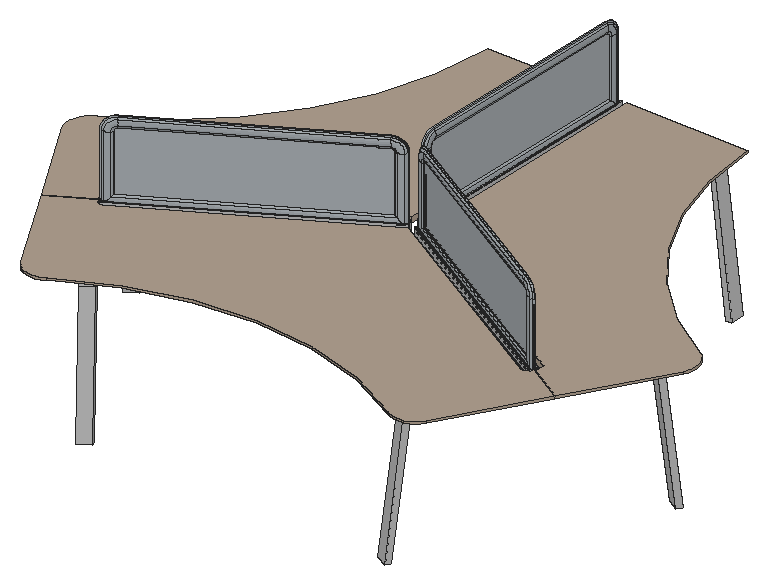
Revit family "Haworth_ActiveComponents_120HalfWrapAround_Reside_BUILD", category Furniture Systems, Revit 2015
Parameters (values of type "57w 24d")
  Worksurface Finish [instance] = Haworth _ Wood _ Light Maple VP-LM
  With Screen = yes
  With Leg = yes
  Warranty = "http://www.haworth.com/resources/product-info/warranties"
  URL - Product = "https://www.haworth.com/products/workspaces/accessories/active-components"
  Trim Finish [instance] = Haworth _ Paint _ Metallic Champagne
  Sustainability Info = "https://www.haworth.com/company-info/sustainability"
  Size = "Verify Final Dim. w/ Haworth"  # constant formula
  Screen Width = Actual Width  # 48"
  Screen Mounting Height = 28"  # constant formula
  Screen Finish [instance] = Haworth _ Fabric _ Class _ Light Cool Neutral
  Screen Depth Opening = 1 13/16"  # constant formula
  Radius = 60"  # constant formula
  Model = "WKYM"  # constant formula
  Leg Finish [instance] = Haworth _ Paint _ Metallic Champagne
  Half Width = Actual Depth / 2  # 12"
  URL = "www.haworth.com"
  Support Height = Actual Height - Worksurface Thickness  # 28"
  Revision Number = "1"  # constant formula
  Manufacturer = "Haworth"  # constant formula
  Description = "Haworth - Worksurface - 120 Half Wrap Around - Reside"  # constant formula
  Author = "Haworth (Alias)"  # constant formula
  Assembly Code = "E2020200"
  Angled Leg Side Offset = 17 3/4"  # constant formula
  Actual Width = 48"  # constant formula
  Actual Height = 29 3/16"  # constant formula
  Worksurface Thickness = 1 3/16"  # constant formula
  Actual Depth = 24"  # constant formula
Reference planes (in)
  plane 1 "Floor": z = 0
  plane 2 "Top": z = 29.1875
  plane 3 "Table Bottom": z = 27.8125
  plane 4 "Center L/R": x = 218.35821
  plane 5: x = 220.17071
  plane 6: x = 216.54571
  plane 7 "Right": x = 244.17071
  plane 8 "Left": x = 192.54571
  plane 9 "Center F/B": y = -27.84659
  plane 10: through (218.35821, -27.84659, 48) normal (0.5, -0.866, 0)
  plane 11: through (218.35821, -27.84659, 48) normal (0.5, 0.866, 0)
  plane 12: through (219.26446, -26.27692, 48) normal (0.5, 0.866, 0)
  plane 13: through (274.59209, -62.40613, 48) normal (-0.5, -0.866, 0)
  plane 14: through (217.45196, -26.27692, 48) normal (0.5, -0.866, 0)
  plane 15: through (162.12433, -62.40613, 48) normal (-0.5, 0.866, 0)
  plane 16: y = -26.80014
  plane 17 "Back": y = 21.19986
  plane 18 "Front": y = -76.89303
  plane 19: through (261.73993, -50.80014, 48) normal (-0.866, 0.5, 0)
  plane 20: through (174.97649, -50.80014, 48) normal (-0.866, -0.5, 0)
  plane 21: through (189.99411, -66.81143, 48) normal (0.5, -0.866, 0)
  plane 22: through (170.43161, -32.92819, 48) normal (0.5, -0.866, 0)
  plane 23: through (246.7223, -66.81143, 48) normal (0.5, 0.866, 0)
  plane 24: through (266.2848, -32.92819, 48) normal (0.5, 0.866, 0)
  plane 25: x = 198.79571
  plane 26: x = 237.92071
  plane 27: through (166.20974, -35.36569, 48) normal (0.866, 0.5, 0)
  plane 28: through (250.94417, -69.24893, 48) normal (-0.866, 0.5, 0)
  plane 29: y = 21.07486
Dimensions and locks (in)
  "Actual Height": plane 2 "Top" to level
  plane 5 to plane 7 "Right" = 24"
  plane 8 "Left" to plane 6 = 24"
  locked: plane 4 "Center L/R" to plane 5 at 1.8125
  locked: plane 6 to plane 4 "Center L/R" at 1.8125
  locked: plane 13 to plane 11 at 1.8125
  locked: plane 12 to plane 11 at 1.8125
  locked: plane 15 to plane 10 at 1.8125
  locked: plane 10 to plane 14 at 1.8125
  "Angled Leg Side Offset": plane 23 to plane 13
  "Angled Leg Side Offset": plane 24 to plane 12
  "Angled Leg Side Offset": plane 21 to plane 15
  "Angled Leg Side Offset": plane 22 to plane 14
  "Angled Leg Side Offset": plane 25 to plane 6
  "Angled Leg Side Offset": plane 5 to plane 26
  locked: plane 29 to plane 17 "Back" at 0.125
  locked: plane 28 to plane 19 at 0.125
  locked: plane 27 to plane 20 at 0.125
  locked: plane 10 to plane 11 (angle 120.00°)
  aligned and locked: nested 5 to plane 12
  aligned and locked: nested 5 to plane 5
  aligned and locked: plane 6 to nested 6
  aligned and locked: plane 14 to nested 6
  aligned and locked: nested 4 to plane 13
  aligned and locked: nested 4 to plane 15
  aligned and locked: plane 1 "Floor" to nested 4
  aligned and locked: nested 5 to plane 1 "Floor"
  aligned and locked: nested 6 to plane 1 "Floor"
  aligned and locked: nested 1 to plane 1 "Floor"
  aligned and locked: nested 1 to plane 27
  aligned and locked: nested 1 to plane 21
  aligned and locked: nested 7 to plane 27
  aligned and locked: plane 22 to nested 7
  aligned and locked: plane 25 to nested 11
  aligned and locked: nested 11 to plane 29
  aligned and locked: nested 10 to plane 29
  aligned and locked: nested 10 to plane 26
  aligned and locked: nested 8 to plane 28
  aligned and locked: plane 23 to nested 8
  aligned and locked: nested 9 to plane 24
  aligned and locked: nested 9 to plane 28
  aligned and locked: plane 1 "Floor" to nested 7
  aligned and locked: plane 1 "Floor" to nested 1
  aligned and locked: plane 1 "Floor" to nested 11
  aligned and locked: nested 10 to plane 1 "Floor"
  aligned and locked: plane 1 "Floor" to nested 8
  aligned and locked: nested 9 to plane 1 "Floor"
  aligned and locked: plane 11 to nested 12
  aligned and locked: plane 11 to nested 13
  aligned and locked: plane 4 "Center L/R" to nested 2
  aligned and locked: plane 4 "Center L/R" to nested 3
  aligned and locked: plane 17 "Back" to nested 3
  aligned and locked: plane 17 "Back" to nested 2
  aligned and locked: nested 13 to plane 19
  aligned and locked: nested 12 to plane 19
  aligned and locked: plane 10 to nested 14
  aligned and locked: plane 10 to nested 15
  aligned and locked: plane 20 to nested 14
  aligned and locked: plane 20 to nested 15
Nested families (in)
  nested 1: "Haworth_Reside_AngledLeg_Part" at (194.87663, -99.24086, 0) x (0.866, 0.5, 0) z (0, 0, 1), visible <- "With Leg", type "Leg"
  nested 2: "Haworth_ActiveComponents_CenterScreen_NEW" at (211.67564, 2.38736, 0) x (0, -1, 0) z (0, 0, 1), Fabric Finish <- "Screen Finish", visible <- "With Screen", type "Screen"
    with Fabric Finish Haworth _ Fabric _ Class _ Light Cool Neutral, Width 48", Actual Width 48", Actual Mounting Height 28"
  nested 3: "Haworth_ActiveComponents_Reside_ScreenRail_NEW" at (211.67564, 2.38736, 0) x (0, -1, 0) z (0, 0, 1), Trim Finish <- "Trim Finish", type "Screen Rail"
    with Trim Finish Haworth _ Paint _ Metallic Champagne, Width 48", Actual Width 48"
  nested 4: "Haworth_ActiveComponents_120HalfWrapAround_Reside_Part" at (238.33897, -55.33179, 0) x (0.866, -0.5, 0) z (0, 0, 1), type "Non-Handed"
    with One-hand no
  nested 5: "Haworth_ActiveComponents_120HalfWrapAround_Reside_Part" at (232.17071, 3.19986, 0) x (0, 1, 0) z (0, 0, 1), type "One-Hand"
    with Right Void Dimension 3 3/16", Non-handed no
  nested 6: "Haworth_ActiveComponents_120HalfWrapAround_Reside_Part" at (204.54571, 3.19986, 0) x (0, 1, 0) z (0, 0, 1), type "One-Hand"
    with Right Void Dimension 3 3/16", Non-handed no
  nested 7: "Haworth_Reside_AngledLeg_Part" at (144.78817, -12.48509, 0) x (0.866, 0.5, 0) z (0, 0, 1), visible <- "With Leg", type "Leg"
  nested 8: "Haworth_Reside_AngledLeg_Part" at (241.83978, -99.24086, 0) x (-0.866, 0.5, 0) z (0, 0, 1), visible <- "With Leg", type "Leg"
  nested 9: "Haworth_Reside_AngledLeg_Part" at (291.92825, -12.48509, 0) x (-0.866, 0.5, 0) z (0, 0, 1), visible <- "With Leg", type "Leg"
  nested 10: "Haworth_Reside_AngledLeg_Part" at (268.44667, 11.29947, 0) x (0, 1, 0) z (0, 0, 1), visible <- "With Leg", type "Leg"
  nested 11: "Haworth_Reside_AngledLeg_Part" at (168.26974, 11.29947, 0) x (0, 1, 0) z (0, 0, 1), visible <- "With Leg", type "Leg"
  nested 12: "Haworth_ActiveComponents_CenterScreen_NEW" at (232.21528, -43.56333, 0) x (0.866, -0.5, 0) z (0, 0, 1), Fabric Finish <- "Screen Finish", visible <- "With Screen", type "Screen"
    with Fabric Finish Haworth _ Fabric _ Class _ Light Cool Neutral, Width 48", Actual Width 48", Actual Mounting Height 28"
  nested 13: "Haworth_ActiveComponents_Reside_ScreenRail_NEW" at (232.21528, -43.56333, 0) x (0.866, -0.5, 0) z (0, 0, 1), Trim Finish <- "Trim Finish", type "Screen Rail"
    with Trim Finish Haworth _ Paint _ Metallic Champagne, Width 48", Actual Width 48"
  nested 14: "Haworth_ActiveComponents_CenterScreen_NEW" at (204.50114, -43.56333, 0) x (-0.866, -0.5, 0) z (0, 0, 1), Fabric Finish <- "Screen Finish", visible <- "With Screen", type "Screen"
    with Fabric Finish Haworth _ Fabric _ Class _ Light Cool Neutral, Width 48", Actual Width 48", Actual Mounting Height 28"
  nested 15: "Haworth_ActiveComponents_Reside_ScreenRail_NEW" at (204.50114, -43.56333, 0) x (-0.866, -0.5, 0) z (0, 0, 1), Trim Finish <- "Trim Finish", type "Screen Rail"
    with Trim Finish Haworth _ Paint _ Metallic Champagne, Width 48", Actual Width 48"
Definition of nested family "Haworth_Reside_AngledLeg_Part"
  Parameters (values of type "Leg")
    Worksurface Thickness = 1 3/16"  # constant formula
    Warranty = "http://www.haworth.com/resources/product-info/warranties"
    URL - Product = "http://www.haworth.com/products/workspaces/desking/reside"
    Sustainability Info = "https://www.haworth.com/company-info/sustainability"
    Model = "Haworth Reside"  # constant formula
    URL = "www.haworth.com"
    Size = "Verify Final Dim. w/ Haworth"  # constant formula
    Revision Number = "1"  # constant formula
    Manufacturer = "Haworth"  # constant formula
    Leg Finish = none
    Description = "Haworth - Reside - Angled Leg Part"  # constant formula
    Author = "Haworth (Alias)"  # constant formula
    Assembly Code = "E2020200"
    Actual Width = 2 85/128"  # constant formula
    Actual Height = 27 13/16"  # constant formula
  Reference planes (in)
    plane 1: z = 0
    plane 2 "Center L/R": x = 8.44336
    plane 3 "Center F/B": y = -26.24155
    plane 4 "Support Top": z = 27.8125
    plane 5 "Right": x = 9.77539
    plane 6 "Left": x = 7.11133
    plane 7: y = -26.74155
    plane 8 "Back": y = -25.74155
    plane 9 "Front": y = -30.52597
  Forms (in)
    Sweep 1, solid, material <- "Leg Finish"
      path origin (0, 0, 0) x (1, 0, 0) y (0, 1, 0)
        loop
          line (9.77539, -26.24155) -> (7.11133, -26.24155)
      profile origin (8.44336, -26.24155, 0) x (0, -1, 0) y (0, 0, 1)
        loop
          line (2.60706, 25.82112) -> (-0.55953, 0) -> (0.52856, 0) -> (3.67903, 25.68966) -> (2.60706, 25.82112)
    Sweep 2, solid, material <- "Leg Finish"
      path origin (0, 0, 0) x (1, 0, 0) y (0, 1, 0)
        loop
          line (9.77539, -26.24155) -> (7.11133, -26.24155)
      profile origin (8.44336, -26.24155, 0) x (0, -1, 0) y (0, 0, 1)
        loop
          line (2.85127, 27.8125) -> (2.60706, 25.82112) -> (3.67903, 25.68966) -> (3.73923, 26.18055)
          arc (3.73923, 26.18055) -> (3.90417, 26.49415) -> (4.23551, 26.61969) r 0.5
          line (4.23551, 26.61969) -> (4.28442, 26.61969) -> (4.28442, 27.8125) -> (2.85127, 27.8125)
  Lines and regions (in)
    Masking region 1
      outline origin (0, 0, 0) x (1, 0, 0) y (0, 1, 0)
        loop
          line (7.11133, -25.74155) -> (7.11133, -30.52597) -> (9.77539, -30.52597) -> (9.77539, -25.74155) -> (7.11133, -25.74155)
  Dimensions and locks (in)
    "Actual Height": plane 4 "Support Top" to level
    equal spacing: plane 6 "Left", plane 2 "Center L/R", plane 5 "Right"
    "Actual Width": plane 6 "Left" to plane 5 "Right"
    aligned and locked: plane 3 "Center F/B" to Sweep 1 sketch curve
    aligned and locked: plane 5 "Right" to Sweep 1 sketch curve
    aligned and locked: plane 6 "Left" to Sweep 1 sketch curve
    aligned and locked: profile plane to plane 1
    aligned and locked: profile plane to plane 3 "Center F/B"
    aligned and locked: plane 5 "Right" to Masking region 1 sketch curve
    aligned and locked: Masking region 1 sketch curve to plane 8 "Back"
    aligned and locked: Masking region 1 sketch curve to plane 6 "Left"
    aligned and locked: plane 9 "Front" to Masking region 1 sketch curve
    aligned and locked: plane 3 "Center F/B" to Sweep 2 sketch curve
    aligned and locked: plane 5 "Right" to Sweep 2 sketch curve
    aligned and locked: plane 6 "Left" to Sweep 2 sketch curve
  Automatic sketch dimensions
    Sweep 1 sketch curve to level = 0"
    profile plane to Sweep 1 sketch curve = 0.55953"
    Sweep 1 sketch curve to profile plane = 0.52856"
    level to Sweep 2 sketch curve = 25.82112"
    Sweep 2 sketch curve to profile plane = 2.60706"
    Sweep 2 sketch curve to Sweep 2 sketch curve = 0.88796"
    Sweep 2 sketch curve to Sweep 2 sketch curve = 0.49628"
    Sweep 2 sketch curve to Sweep 2 sketch curve = 0.04891"
    Sweep 2 sketch curve to Sweep 2 sketch curve = 0.06086"
    Sweep 2 sketch curve to Sweep 2 sketch curve = 1.13217"
    Sweep 2 sketch curve to Sweep 2 sketch curve = 0.0602"
    Sweep 2 sketch curve to Sweep 2 sketch curve = 0.4909"
    Sweep 2 sketch curve to Sweep 2 sketch curve = 0.13146"
    Sweep 1 sketch curve to Sweep 1 sketch curve = 1.07197"
    Sweep 1 sketch curve to Sweep 1 sketch curve = 0.13146"
    Sweep 1 sketch curve to profile plane = 2.60706"
Definition of nested family "Haworth_ActiveComponents_CenterScreen_NEW"
  Parameters (values of type "72w 17h")
    Width = 72"
    Warranty = "http://www.haworth.com/resources/product-info/warranties"
    URL - Product = "http://www.haworth.com/products/workspaces/accessories/active-components"
    URL = "http://www.haworth.com/"
    Size = "Verify Final Dim. w/ Haworth"  # constant formula
    Revision Number = "2"  # constant formula
    Model = "AUSR"  # constant formula
    Min. Width = 42"  # constant formula
    Max. Width = 72"  # constant formula
    Manufacturer = "Haworth"  # constant formula
    Fabric Finish [instance] = none
    Description = "Haworth - Active Components - Center Screen"  # constant formula
    Author = "Haworth (Bentzen, Alias)"  # constant formula
    Assembly Code = "E2020200"
    Actual Width = if(Width < Min. Width, Min. Width, if(Width > Max. Width, Max. Width, Width))  # 72"
    Actual Mounting Height = 25"
    Actual Height = 17"  # constant formula
    Actual Depth = 29/32"  # constant formula
  Types (4): name | Width | Actual Width
    72w 17h | 72" | 72"
    60w 17h | 60" | 60"
    48w 17h | 48" | 48"
    42w 17h | 42" | 42"
  Reference planes (in)
    plane 1: z = 0
    plane 2 "Left Edge": x = -30.8125
    plane 3 "Back": y = 7.13569
    plane 4 "Front": y = 6.22944
    plane 5 "Support Top": z = 42
    plane 6 "Center F/B": y = 6.68256
    plane 7 "Bottom Screen": z = 25
    plane 8 "Right Edge": x = 41.1875
    plane 9 "Center LR": x = 5.1875
  Forms (in)
    Sweep 1, solid, material <- "Fabric Finish"
      path origin (0, 0, 25) x (-1, 0, 0) y (0, -1, 0)
        loop
          line (-5.1875, -6.55756) -> (-5.1875, -6.80756)
      profile origin (5.1875, 6.68256, 25) x (-1, 0, 0) y (0, 0, 1)
        loop
          line (33.705, 2.30661) -> (33.705, 13.34868)
          arc (33.705, 13.34868) -> (33.52194, 13.79062) -> (33.08, 13.97368) r 0.625
          line (33.08, 13.97368) -> (-33.08, 13.97368)
          arc (-33.08, 13.97368) -> (-33.52194, 13.79062) -> (-33.705, 13.34868) r 0.625
          line (-33.705, 13.34868) -> (-33.705, 2.30661) -> (33.705, 2.30661)
    Sweep 2, solid, material <- "Fabric Finish"
      path in 3D
        loop
          line (38.8925, 6.55756, 27.30661) -> (38.8925, 6.55756, 38.34868)
          arc (38.8925, 6.55756, 38.34868) -> (38.70944, 6.55756, 38.79062) -> (38.2675, 6.55756, 38.97368) r 0.625
          line (38.2675, 6.55756, 38.97368) -> (-27.8925, 6.55756, 38.97368)
          arc (-27.8925, 6.55756, 38.97368) -> (-28.33444, 6.55756, 38.79062) -> (-28.5175, 6.55756, 38.34868) r 0.625
          line (-28.5175, 6.55756, 38.34868) -> (-28.5175, 6.55756, 27.30661) -> (38.8925, 6.55756, 27.30661)
      profile origin (5.1875, 6.55756, 27.30661) x (0, -1, 0) y (0, 0, -1)
        loop
          line (0, 2.1379) -> (-0.25, 2.1379) -> (-0.25, 1.90667)
          arc (-0.25, 1.90667) -> (-0.41472, 1.73994) -> (-0.51166, 1.52656) r 0.66762
          arc (-0.51166, 1.52656) -> (-0.57818, 0.95464) -> (-0.49066, 0.38556) r 2.15173
          arc (-0.49066, 0.38556) -> (-0.39663, 0.17636) -> (-0.25, 0) r 0.84826
          line (-0.25, 0) -> (0, 0)
          arc (0, 0) -> (0.14663, 0.17636) -> (0.24066, 0.38556) r 0.84826
          arc (0.24066, 0.38556) -> (0.32818, 0.95464) -> (0.26166, 1.52656) r 2.15173
          arc (0.26166, 1.52656) -> (0.16472, 1.73994) -> (0, 1.90667) r 0.66762
          line (0, 1.90667) -> (0, 2.1379)
  Lines and regions (in)
    Masking region 1
      outline origin (0, 0, 0) x (1, 0, 0) y (0, 1, 0)
        loop
          line (-30.8125, 7.13569) -> (-30.8125, 6.22944) -> (41.1875, 6.22944) -> (41.1875, 7.13569) -> (-30.8125, 7.13569)
    symbolic lines, detail levels fine
      curve 1: line (-30.8125, 6.22944, 0) -> (-30.8125, 7.13569, 0)
    sketch lines
      curve 2: line (-28.5175, 6.55756, 27.30661) -> (38.8925, 6.55756, 27.30661)
      curve 3: line (38.8925, 6.55756, 27.30661) -> (38.8925, 6.55756, 38.34868)
      curve 4: line (-28.5175, 6.55756, 38.34868) -> (-28.5175, 6.55756, 27.30661)
      curve 5: arc (38.2675, 6.55756, 38.97368) -> (38.70944, 6.55756, 38.79062) -> (38.8925, 6.55756, 38.34868) r 0.625
      curve 6: line (38.2675, 6.55756, 38.97368) -> (-27.8925, 6.55756, 38.97368)
      curve 7: arc (-28.5175, 6.55756, 38.34868) -> (-28.33444, 6.55756, 38.79062) -> (-27.8925, 6.55756, 38.97368) r 0.625
  Dimensions and locks (in)
    "Actual Depth": plane 3 "Back" to plane 4 "Front"
    equal spacing: plane 3 "Back", plane 6 "Center F/B", plane 4 "Front"
    "Actual Mounting Height": plane 7 "Bottom Screen" to level
    "Actual Height": plane 5 "Support Top" to plane 7 "Bottom Screen"
    "Actual Width": plane 2 "Left Edge" to plane 8 "Right Edge"
    equal spacing: plane 2 "Left Edge", plane 9 "Center LR", plane 8 "Right Edge"
    locked: plane 6 "Center F/B" to Sweep 1 sketch curve at 0.125
    locked: Sweep 1 sketch curve to plane 6 "Center F/B" at 0.125
    locked: plane 8 "Right Edge" to Sweep 1 sketch curve at 2.295
    locked: plane 2 "Left Edge" to Sweep 1 sketch curve at 2.295
    locked: Sweep 1 sketch curve to plane 7 "Bottom Screen" at 2.30661
    locked: plane 5 "Support Top" to Sweep 1 sketch curve at 3.02632
    aligned and locked: plane 8 "Right Edge" to Masking region 1
    aligned and locked: plane 9 "Center LR" to Sweep 1 sketch curve
    aligned and locked: profile plane to plane 7 "Bottom Screen"
    aligned and locked: profile plane to plane 9 "Center LR"
    aligned and locked: curve 1 to plane 2 "Left Edge"
    aligned and locked: plane 3 "Back" to Masking region 1
    aligned and locked: Masking region 1 to plane 4 "Front"
  Automatic sketch dimensions
    curve 1 to plane 3 "Back" = 0"
    curve 1 to plane 4 "Front" = 0"
    Masking region 1 sketch curve to plane 2 "Left Edge" = 0"
    Masking region 1 sketch curve to plane 4 "Front" = 0"
    Masking region 1 sketch curve to plane 3 "Back" = 0"
    plane 8 "Right Edge" to Masking region 1 sketch curve = 0"
    Sweep 1 sketch curve to Sweep 1 sketch curve = 5/8"  (x2)
    Sweep 2 sketch curve to profile plane = 0"  (x2)
    Sweep 2 sketch curve to Sweep 2 sketch curve = 1/4"  (x2)
    profile plane to Sweep 2 sketch curve = 0.3852"
    profile plane to Sweep 2 sketch curve = 0.57296"
    Sweep 2 sketch curve to Sweep 2 sketch curve = 1.25023"  (x2)
    Sweep 2 sketch curve to profile plane = 0.1352"
    Sweep 2 sketch curve to profile plane = 0.32296"
    profile plane to Sweep 2 sketch curve = 0.62552"  (x2)
    profile plane to Sweep 2 sketch curve = 0.99424"  (x2)
    Sweep 2 sketch curve to Sweep 2 sketch curve = 0.73588"
    Sweep 2 sketch curve to Sweep 2 sketch curve = 0"  (x4)
    Sweep 2 sketch curve to Sweep 2 sketch curve = 0.54528"
    Sweep 2 sketch curve to Sweep 2 sketch curve = 0.23123"
    profile plane to Sweep 2 sketch curve = 0"
Definition of nested family "Haworth_ActiveComponents_Reside_ScreenRail_NEW"
  Parameters (values of type "Screen Rail")
    Width = 72"
    Warranty = "http://www.haworth.com/resources/product-info/warranties"
    URL - Product = "http://www.haworth.com/products/workspaces/accessories/active-components"
    URL = "http://www.haworth.com/"
    Trim Finish [instance] = none
    Size = "Verify Final Dim. w/ Haworth"  # constant formula
    Revision Number = "1"  # constant formula
    Model = "AUSR"  # constant formula
    Min. Width = 48"  # constant formula
    Max. Width = 72"  # constant formula
    Manufacturer = "Haworth"  # constant formula
    Description = "Haworth - Active Components - Reside Screen Rail"  # constant formula
    Author = "Haworth (Alias)"  # constant formula
    Assembly Code = "E2020200"
    Actual Width = if(Width < Min. Width, Min. Width, if(Width > Max. Width, Max. Width, Width))  # 72"
    Actual Mounting Height = 28"
    Actual Height = 2"  # constant formula
    Actual Depth = 1 31/64"  # constant formula
  Reference planes (in)
    plane 1: z = 0
    plane 2 "Left Edge": x = -30.8125
    plane 3 "Center F/B": y = 6.68256
    plane 4 "Bottom Screen": z = 28
    plane 5 "Right Edge": x = 41.1875
    plane 6 "Center LR": x = 5.1875
    plane 7 "Back": y = 7.42475
    plane 8 "Front": y = 5.94038
  Forms (in)
    Sweep 1, solid, material <- "Trim Finish"
      path origin (0, 0, 28) x (-1, 0, 0) y (0, -1, 0)
        loop
          line (30.8125, -6.68256) -> (-41.1875, -6.68256)
      profile origin (5.1875, 6.68256, 28) x (0, 1, 0) y (0, 0, 1)
        loop
          line (0.3545, -0.239) -> (-0.3545, -0.239) -> (-0.3545, 0.221) -> (-0.2, 0.221) -> (-0.2, 0.3) -> (-0.4035, 0.3) -> (-0.4035, 0.388) -> (-0.4505, 0.428) -> (-0.4505, 1.021) -> (-0.4035, 1.061) -> (-0.4035, 1.138) -> (-0.44471, 1.17307)
          arc (-0.44471, 1.17307) -> (-0.47094, 1.17779) -> (-0.48801, 1.15733) r 0.0265
          line (-0.48801, 1.15733) -> (-0.5315, 0.901) -> (-0.5315, 0.391) -> (-0.6555, 0.391) -> (-0.6555, 0.548) -> (-0.685, 0.578) -> (-0.685, 1.14583)
          arc (-0.685, 1.14583) -> (-0.7165, 1.17733) -> (-0.748, 1.14583) r 0.0315
          line (-0.748, 1.14583) -> (-0.748, -0.355)
          arc (-0.748, -0.355) -> (-0.73628, -0.38328) -> (-0.708, -0.395) r 0.04
          line (-0.708, -0.395) -> (0.708, -0.395)
          arc (0.708, -0.395) -> (0.73628, -0.38328) -> (0.748, -0.355) r 0.04
          line (0.748, -0.355) -> (0.748, 1.14583)
          arc (0.748, 1.14583) -> (0.7165, 1.17733) -> (0.685, 1.14583) r 0.0315
          line (0.685, 1.14583) -> (0.685, 0.578) -> (0.6555, 0.548) -> (0.6555, 0.391) -> (0.5315, 0.391) -> (0.5315, 0.901) -> (0.48801, 1.15733)
          arc (0.48801, 1.15733) -> (0.47094, 1.17779) -> (0.44471, 1.17307) r 0.0265
          line (0.44471, 1.17307) -> (0.4035, 1.138) -> (0.4035, 1.061) -> (0.4505, 1.021) -> (0.4505, 0.428) -> (0.4035, 0.388) -> (0.4035, 0.3) -> (0.2, 0.3) -> (0.2, 0.221) -> (0.3545, 0.221) -> (0.3545, -0.239)
    Sweep 2, solid, material <- "Trim Finish"
      path origin (0, 0, 28) x (-1, 0, 0) y (0, -1, 0)
        loop
          line (26.3125, -6.68256) -> (23.3125, -6.68256)
      profile origin (-24.8125, 6.68256, 28) x (0, 1, 0) y (0, 0, 1)
        loop
          line (1.88967, -0.105) -> (3.81655, -0.105) -> (3.81655, 0) -> (1.87155, 0) -> (0.76155, -0.395) -> (-0.76155, -0.395) -> (-1.87155, 0) -> (-3.81655, 0) -> (-3.81655, -0.105) -> (-1.88967, -0.105) -> (-0.76155, -0.5) -> (0.77967, -0.5) -> (1.88967, -0.105)
    Sweep 3, solid, material <- "Trim Finish"
      path origin (10.375, 0, 28) x (1, 0, 0) y (0, -1, 0)
        loop
          line (26.3125, -6.68256) -> (23.3125, -6.68256)
      profile origin (35.1875, 6.68256, 28) x (0, -1, 0) y (0, 0, 1)
        loop
          line (-1.88967, -0.105) -> (-0.77967, -0.5) -> (0.76155, -0.5) -> (1.88967, -0.105) -> (3.81655, -0.105) -> (3.81655, 0) -> (1.87155, 0) -> (0.76155, -0.395) -> (-0.76155, -0.395) -> (-1.87155, 0) -> (-3.81655, 0) -> (-3.81655, -0.105) -> (-1.88967, -0.105)
  Lines and regions (in)
    Masking region 1
      outline origin (0, 0, 0) x (1, 0, 0) y (0, 1, 0)
        loop
          line (-30.8125, 7.42475) -> (-30.8125, 5.94038) -> (41.1875, 5.94038) -> (41.1875, 7.42475) -> (-30.8125, 7.42475)
    symbolic lines, detail levels fine
      curve 1: line (-30.8125, 6.22944, 0) -> (-30.8125, 7.13569, 0)
  Dimensions and locks (in)
    "Actual Mounting Height": plane 4 "Bottom Screen" to level
    "Actual Width": plane 2 "Left Edge" to plane 5 "Right Edge"
    equal spacing: plane 2 "Left Edge", plane 6 "Center LR", plane 5 "Right Edge"
    equal spacing: plane 8 "Front", plane 3 "Center F/B", plane 7 "Back"
    "Actual Depth": plane 8 "Front" to plane 7 "Back"
    locked: plane 2 "Left Edge" to Sweep 2 sketch curve at 4.5
    locked: Sweep 2 sketch curve to Sweep 2 sketch curve at 3
    locked: Sweep 3 sketch curve to Sweep 3 sketch curve at 3
    locked: Sweep 3 sketch curve to plane 5 "Right Edge" at 4.5
    aligned and locked: plane 5 "Right Edge" to Masking region 1
    aligned and locked: curve 1 to plane 2 "Left Edge"
    aligned and locked: Sweep 1 sketch curve to plane 3 "Center F/B"
    aligned and locked: plane 5 "Right Edge" to Sweep 1 sketch curve
    aligned and locked: plane 2 "Left Edge" to Sweep 1 sketch curve
    aligned and locked: Masking region 1 sketch curve to plane 7 "Back"
    aligned and locked: Masking region 1 sketch curve to plane 8 "Front"
    aligned and locked: Sweep 2 sketch curve to plane 3 "Center F/B"
    aligned and locked: plane 3 "Center F/B" to Sweep 3 sketch curve
  Automatic sketch dimensions
    curve 1 to plane 8 "Front" = 37/128"
    curve 1 to plane 7 "Back" = 37/128"
    Masking region 1 sketch curve to plane 2 "Left Edge" = 0"
    Masking region 1 sketch curve to plane 5 "Right Edge" = 0"
    profile plane to Sweep 1 sketch curve = 0.748"
    Sweep 1 sketch curve to Sweep 1 sketch curve = 0.0315"  (x2)
    Sweep 1 sketch curve to Sweep 1 sketch curve = 0.04"  (x5)
    Sweep 1 sketch curve to Sweep 1 sketch curve = 0.0295"
    Sweep 1 sketch curve to Sweep 1 sketch curve = 0.1535"
    Sweep 1 sketch curve to Sweep 1 sketch curve = 0.19699"  (x2)
    Sweep 1 sketch curve to Sweep 1 sketch curve = 0.02612"  (x2)
    Sweep 1 sketch curve to Sweep 1 sketch curve = 0.01138"
    Sweep 1 sketch curve to Sweep 1 sketch curve = 0.01717"  (x2)
    Sweep 1 sketch curve to Sweep 1 sketch curve = 0.047"  (x3)
    Sweep 1 sketch curve to Sweep 1 sketch curve = 0.049"  (x2)
    Sweep 1 sketch curve to Sweep 1 sketch curve = 0.1545"  (x2)
    Sweep 1 sketch curve to profile plane = 0.2"
    Sweep 1 sketch curve to profile plane = 0.4035"
    Sweep 1 sketch curve to Sweep 1 sketch curve = 0.04121"
    Sweep 1 sketch curve to Sweep 1 sketch curve = 0.081"
    Sweep 1 sketch curve to Sweep 1 sketch curve = 0.124"
    Sweep 1 sketch curve to Sweep 1 sketch curve = 0.3535"
    Sweep 1 sketch curve to plane 4 "Bottom Screen" = 0.395"
    Sweep 1 sketch curve to plane 4 "Bottom Screen" = 0.239"
    plane 4 "Bottom Screen" to Sweep 1 sketch curve = 0.221"  (x2)
    Sweep 1 sketch curve to Sweep 1 sketch curve = 0.079"  (x2)
    Sweep 1 sketch curve to Sweep 1 sketch curve = 0.088"  (x2)
    Sweep 1 sketch curve to Sweep 1 sketch curve = 0.003"  (x2)
    Sweep 1 sketch curve to Sweep 1 sketch curve = 0.157"  (x2)
    Sweep 1 sketch curve to Sweep 1 sketch curve = 0.03"  (x2)
    Sweep 1 sketch curve to Sweep 1 sketch curve = 0.323"  (x2)
    Sweep 1 sketch curve to Sweep 1 sketch curve = 0.12"  (x2)
    Sweep 1 sketch curve to Sweep 1 sketch curve = 0.077"  (x2)
    Sweep 1 sketch curve to Sweep 1 sketch curve = 0.12482"  (x2)
    Sweep 1 sketch curve to Sweep 1 sketch curve = 0.01489"  (x2)
    Sweep 1 sketch curve to Sweep 1 sketch curve = 0.00443"  (x2)
    Sweep 2 sketch curve to plane 4 "Bottom Screen" = 0"  (x4)
    profile plane to Sweep 2 sketch curve = 3.81655"
    Sweep 2 sketch curve to plane 4 "Bottom Screen" = 0.105"
    profile plane to Sweep 2 sketch curve = 1.88967"
    Sweep 2 sketch curve to Sweep 2 sketch curve = 0.01812"  (x2)
    profile plane to Sweep 2 sketch curve = 0.76155"
    Sweep 2 sketch curve to Sweep 2 sketch curve = 0"
    Sweep 2 sketch curve to profile plane = 0.76155"
    Sweep 2 sketch curve to Sweep 2 sketch curve = 0.01813"
    Sweep 2 sketch curve to Sweep 2 sketch curve = 1.11"
    Sweep 2 sketch curve to Sweep 2 sketch curve = 1.92687"
    Sweep 2 sketch curve to plane 4 "Bottom Screen" = 0.395"
    Sweep 2 sketch curve to Sweep 2 sketch curve = 0.105"  (x2)
    Sweep 3 sketch curve to plane 4 "Bottom Screen" = 0.105"  (x2)
    profile plane to Sweep 3 sketch curve = 3.81655"
    profile plane to Sweep 3 sketch curve = 1.88967"
    Sweep 3 sketch curve to plane 4 "Bottom Screen" = 0"  (x4)
    Sweep 3 sketch curve to Sweep 3 sketch curve = 0.01812"  (x2)
    profile plane to Sweep 3 sketch curve = 0.77967"
    Sweep 3 sketch curve to Sweep 3 sketch curve = 0.01813"
    Sweep 3 sketch curve to profile plane = 0.76155"
    Sweep 3 sketch curve to Sweep 3 sketch curve = 0"
    Sweep 3 sketch curve to Sweep 3 sketch curve = 1.11"
    Sweep 3 sketch curve to Sweep 3 sketch curve = 1.92687"
    Sweep 3 sketch curve to plane 4 "Bottom Screen" = 0.395"
    Sweep 3 sketch curve to Sweep 3 sketch curve = 0.105"
Definition of nested family "Haworth_ActiveComponents_120HalfWrapAround_Reside_Part"
  Parameters (values of type "57w 24d")
    Worksurface Finish = none
    Warranty = "http://www.haworth.com/resources/product-info/warranties"
    Void Left Dimension = 2"  # constant formula
    URL - Product = "https://www.haworth.com/products/workspaces/accessories/active-components"
    Trim Finish = none
    Sustainability Info = "https://www.haworth.com/company-info/sustainability"
    Size = "Verify Final Dim. w/ Haworth"  # constant formula
    Screen Depth Opening = 1 13/16"  # constant formula
    Right Void Dimension = if([Non-handed], 2", Worksurface Thickness + 2")  # 2"
    Radius = 60"  # constant formula
    One-hand = yes
    Non-handed = yes
    Model = "WKYM"  # constant formula
    Half Width = Actual Depth / 2  # 12"
    URL = "www.haworth.com"
    Support Height = Actual Height - Worksurface Thickness  # 28"
    Revision Number = "1"  # constant formula
    Manufacturer = "Haworth"  # constant formula
    Description = "Haworth - Worksurface - 120 Half Wrap Around"  # constant formula
    Author = "Haworth (Alias)"  # constant formula
    Assembly Code = "E2020200"
    Actual Width = 48"  # constant formula
    Actual Height = 29 3/16"  # constant formula
    Worksurface Thickness = 1 3/16"  # constant formula
    Actual Depth = 24"  # constant formula
  Reference planes (in)
    plane 1 "Floor": z = 0
    plane 2 "Top": z = 29.1875
    plane 3 "Table Bottom": z = 28
    plane 4 "Back": y = 12
    plane 5 "Bend": x = -30
    plane 6 "Front": y = -12
    plane 7 "Right": x = 18
    plane 8 "Back 2": through (-32.59808, 7.5, 48) normal (0.866, -0.5, 0)
    plane 9 "Front 2": through (-11.81347, -4.5, 48) normal (0.866, -0.5, 0)
    plane 10 "Bend 2": through (-30, 12, 48) normal (0.5, 0.866, 0)
    plane 11 "Left": through (-54, -29.56922, 48) normal (0.5, 0.866, 0)
    plane 12 "Center L/R": through (-30, 12, 48) normal (0.866, 0.5, 0)
    plane 13: through (-30, 12, 48) normal (-0.5, 0.866, 0)
    plane 14: y = -72
    plane 15: through (26.47472, -58.18291, 48) normal (0.866, -0.5, 0)
    plane 16: x = 26.868
    plane 17: through (-60.00367, -36.34288, 48) normal (0.5, 0.866, 0)
    plane 18 "Void Start": z = 31.1875
    plane 19 "Void End Right": z = 29.1875
    plane 20 "Void End Left": z = 29.1875
    plane 21 "Hatch Void Start": z = 32
  Forms (in)
    Extrusion 1, solid, material <- "Worksurface Finish"
      sketch origin (0, 0, 0) x (1, 0, 0) y (0, 1, 0)
        loop
          line (26.868, 13.8125) -> (17.868, 13.8125) -> (17.868, 12.62484)
          arc (17.868, 12.62484) -> (17.68499, 12.18301) -> (17.24316, 12) r 0.62484
          line (17.24316, 12) -> (-30, 12) -> (-53.62132, -28.91332)
          arc (-53.62132, -28.91332) -> (-54.00104, -29.2047) -> (-54.47558, -29.14222) r 0.62536
          line (-54.47558, -29.14222) -> (-55.50367, -28.54865) -> (-60.00367, -36.34288) -> (-41.8265, -46.83748)
          arc (-41.8265, -46.83748) -> (-38.33149, -47.26471) -> (-35.59871, -45.04445) r 4.5
          arc (-35.59871, -45.04445) -> (-11.50258, -20.03848) -> (22.20129, -11.6736) r 62.75785
          arc (22.20129, -11.6736) -> (25.49048, -10.41707) -> (26.868, -7.17669) r 4.5
          line (26.868, -7.17669) -> (26.868, 13.8125)
      from 28 to 29.1875
    Sweep 2, void
      path origin (0, -12, 0) x (-1, 0, 0) y (0, 0, 1)
        loop
          line (-29.368, 31.1875) -> (-29.368, 29.1875)
      profile origin (29.368, -12, 30.1875) x (0, -1, 0) y (1, 0, 0)
        loop
          line (-24, -12.868) -> (-24, -11.368) -> (0, -11.368) -> (0, -2.5) -> (-27.25, -2.5) -> (-27.25, -12.868) -> (-24, -12.868)
    Sweep 3, void
      path origin (-24.21539, -25.98076, 0) x (0.5, 0.866025, 0) y (0, 0, 1)
        loop
          line (-29.368, 31.1875) -> (-29.368, 29.1875)
      profile origin (-38.89939, -51.4142, 30.1875) x (0.866025, -0.5, 0) y (0.5, 0.866025, 0)
        loop
          line (-24, 12.868) -> (-27.25, 12.868) -> (-27.25, 2.5) -> (0, 2.5) -> (0, 11.368) -> (-24, 11.368) -> (-24, 12.868)
    Sweep 4, solid, material <- "Trim Finish"
      path origin (-17.30385, -9.99038, 0) x (-0.5, 0.866025, 0) y (0, 0, 1)
        loop
          line (-4.66904, 27.7975) -> (-4.66904, 26.4475)
      profile origin (-14.96933, -14.03389, 27.1225) x (0.866025, 0.5, 0) y (-0.5, 0.866025, 0)
        loop
          line (0, 14.01557) -> (29.72769, -3.14895) -> (30.41773, -1.95385) -> (0.34377, 15.4106)
          arc (0.34377, 15.4106) -> (0, 15.50271) -> (-0.34377, 15.4106) r 0.6875
          line (-0.34377, 15.4106) -> (-30.41773, -1.95385) -> (-29.72769, -3.14895) -> (0, 14.01557)
        loop
          line (0, 17.17277) -> (31.0948, -0.78105) -> (31.78484, 0.41405) -> (0.34377, 18.5678)
          arc (0.34377, 18.5678) -> (0, 18.65992) -> (-0.34377, 18.5678) r 0.6875
          line (-0.34377, 18.5678) -> (-31.78484, 0.41405) -> (-31.0948, -0.78105) -> (0, 17.17277)
        loop
          line (-32.24633, 1.08874) -> (-36.03859, 2.06177) -> (-36.18436, 2.31426) -> (-38.48615, 0.98532) -> (-32.58365, -9.23811) -> (-30.28155, -7.90899) -> (-30.47131, -7.58036) -> (-29.41815, -3.80982) -> (-32.24633, 1.08874)
        loop
          line (32.24633, 1.08874) -> (29.41815, -3.80982) -> (30.47131, -7.58036) -> (30.28155, -7.90899) -> (32.58365, -9.23811) -> (38.48615, 0.98532) -> (36.18436, 2.31426) -> (36.03859, 2.06177) -> (32.24633, 1.08874)
    Extrusion 5, void
      sketch origin (0, 0, 0) x (1, 0, 0) y (0, 1, 0)
        loop
          line (-4.252, 3.18) -> (5.828, 3.18) -> (5.828, 8.75) -> (-4.252, 8.75) -> (-4.252, 3.18)
      from 31 to 32
    Extrusion 6, void
      sketch origin (0, 0, 0) x (1, 0, 0) y (0, 1, 0)
        loop
          line (-40.05942, -11.92342) -> (-45.09942, -20.65296) -> (-40.27566, -23.43796) -> (-35.23566, -14.70842) -> (-40.05942, -11.92342)
      from 31 to 32
    Sweep 7, void
      path in 3D
        loop
          line (-60.00367, -36.34288, 29.1875) -> (-41.8265, -46.83748, 29.1875)
          arc (-41.8265, -46.83748, 29.1875) -> (-38.33149, -47.26471, 29.1875) -> (-35.59871, -45.04445, 29.1875) r 4.5
          arc (-35.59871, -45.04445, 29.1875) -> (-11.50258, -20.03848, 29.1875) -> (22.20129, -11.6736, 29.1875) r 62.75785
          arc (22.20129, -11.6736, 29.1875) -> (25.49048, -10.41707, 29.1875) -> (26.868, -7.17669, 29.1875) r 4.5
          line (26.868, -7.17669, 29.1875) -> (26.868, 13.8125, 29.1875)
      profile origin (26.868, 3.31791, 29.1875) x (-1, 0, 0) y (0, 0, 1)
        loop
          line (0, -1.1875) -> (2, -1.1875) -> (0, -0.375) -> (0, -1.1875)
  Cuts and joins
    Sweep 2, Sweep 3, Sweep 7 cuts Extrusion 1
  Lines and regions (in)
    Masking region 1, visible <- "Non-handed"
      outline origin (0, 0, 0) x (1, 0, 0) y (0, 1, 0)
        loop
          line (26.868, 13.8125) -> (17.868, 13.8125) -> (17.868, 12.62484)
          arc (17.868, 12.62484) -> (17.68499, 12.18301) -> (17.24316, 12) r 0.62484
          line (17.24316, 12) -> (-30, 12) -> (-53.62132, -28.91332)
          arc (-53.62132, -28.91332) -> (-54.00104, -29.2047) -> (-54.47558, -29.14222) r 0.62536
          line (-54.47558, -29.14222) -> (-55.50367, -28.54865) -> (-60.00367, -36.34288) -> (-41.8265, -46.83748)
          arc (-41.8265, -46.83748) -> (-38.33149, -47.26471) -> (-35.59871, -45.04445) r 4.5
          arc (-35.59871, -45.04445) -> (-11.50258, -20.03848) -> (22.20129, -11.6736) r 62.75785
          arc (22.20129, -11.6736) -> (25.49048, -10.41707) -> (26.868, -7.17669) r 4.5
          line (26.868, -7.17669) -> (26.868, 13.8125)
    Masking region 2, visible <- "One-hand"
      outline origin (0, 0, 0) x (1, 0, 0) y (0, 1, 0)
        loop
          line (-60.00367, -36.34288) -> (-41.8265, -46.83748)
          arc (-41.8265, -46.83748) -> (-38.33149, -47.26471) -> (-35.59871, -45.04445) r 4.5
          arc (-35.59871, -45.04445) -> (-13.30422, -21.11926) -> (18, -11.65858) r 62.75785
          line (18, -11.65858) -> (18, 12) -> (-30, 12) -> (-53.62158, -28.91378)
          arc (-53.62158, -28.91378) -> (-54.00099, -29.20491) -> (-54.47513, -29.14248) r 0.62484
          line (-54.47513, -29.14248) -> (-55.50367, -28.54865) -> (-60.00367, -36.34288)
    sketch lines
      curve 1: line (26.868, -7.17669, 29.1875) -> (26.868, 13.8125, 29.1875)
      curve 2: arc (26.868, -7.17669, 29.1875) -> (25.49048, -10.41707, 29.1875) -> (22.20129, -11.6736, 29.1875) r 4.5
      curve 3: arc (22.20129, -11.6736, 29.1875) -> (-11.50258, -20.03848, 29.1875) -> (-35.59871, -45.04445, 29.1875) r 62.75785
      curve 4: arc (-35.59871, -45.04445, 29.1875) -> (-38.33149, -47.26471, 29.1875) -> (-41.8265, -46.83748, 29.1875) r 4.5
      curve 5: line (-60.00367, -36.34288, 29.1875) -> (-41.8265, -46.83748, 29.1875)
  Dimensions and locks (in)
    "Actual Height": plane 2 "Top" to level
    "Worksurface Thickness": plane 2 "Top" to plane 3 "Table Bottom"
    "Actual Width": plane 7 "Right" to plane 5 "Bend"
    "Actual Depth": plane 4 "Back" to plane 6 "Front"
    "Actual Depth": plane 8 "Back 2" to plane 9 "Front 2"
    "Actual Width": plane 11 "Left" to plane 10 "Bend 2"
    "Radius": plane 14 to plane 6 "Front"
    "Radius": plane 15 to plane 9 "Front 2"
    locked: plane 17 to plane 11 "Left" at 8.868
    locked: plane 7 "Right" to plane 16 at 8.868
    locked: Masking region 1 sketch curve to plane 8 "Back 2" at 1.8125
    locked: Masking region 1 sketch curve to plane 4 "Back" at 1.8125
    locked: plane 18 "Void Start" to plane 2 "Top" at 2
    "Right Void Dimension": plane 18 "Void Start" to plane 19 "Void End Right"
    "Void Left Dimension": plane 18 "Void Start" to plane 20 "Void End Left"
    locked: plane 16 to Sweep 7 sketch curve at 2
    angle plane 8 "Back 2" to plane 4 "Back" = 120.00°
    aligned and locked: Extrusion 1 to plane 2 "Top"
    aligned and locked: Extrusion 1 to plane 3 "Table Bottom"
    aligned and locked: plane 17 to Extrusion 1 sketch curve
    aligned and locked: Extrusion 1 sketch curve to plane 16
    aligned and locked: plane 8 "Back 2" to Extrusion 1 sketch curve
    aligned and locked: plane 4 "Back" to Extrusion 1 sketch curve
    aligned and locked: plane 4 "Back" to Masking region 1 sketch curve
    aligned and locked: plane 8 "Back 2" to Masking region 1 sketch curve
    aligned and locked: plane 17 to Masking region 1 sketch curve
    aligned and locked: Masking region 1 sketch curve to plane 16
    aligned and locked: plane 18 "Void Start" to Sweep 2 sketch curve
    aligned and locked: plane 19 "Void End Right" to Sweep 2 sketch curve
    aligned and locked: plane 18 "Void Start" to Sweep 3 sketch curve
    aligned and locked: plane 20 "Void End Left" to Sweep 3 sketch curve
    aligned and locked: profile plane to plane 9 "Front 2"
    aligned and locked: profile plane to plane 6 "Front"
    aligned and locked: profile plane to Sweep 2 sketch curve
    aligned and locked: profile plane to plane 12 "Center L/R"
    aligned and locked: plane 21 "Hatch Void Start" to Extrusion 5
    aligned and locked: plane 21 "Hatch Void Start" to Extrusion 6
    aligned and locked: Masking region 2 sketch curve to plane 17
    aligned and locked: Masking region 2 sketch curve to plane 8 "Back 2"
    aligned and locked: plane 7 "Right" to Masking region 2 sketch curve
    aligned and locked: Masking region 2 sketch curve to plane 4 "Back"
    aligned and locked: plane 16 to Sweep 7 sketch curve
    aligned and locked: Sweep 7 sketch curve to plane 3 "Table Bottom"
  Automatic sketch dimensions
    plane 6 "Front" to Masking region 1 sketch curve = 16.54865"
    plane 6 "Front" to Masking region 1 sketch curve = 17.14222"
    Masking region 1 sketch curve to Masking region 1 sketch curve = 0.31268"
    plane 6 "Front" to Masking region 1 sketch curve = 16.91332"
    plane 5 "Bend" to Masking region 1 sketch curve = 11.8265"
    Masking region 1 sketch curve to Masking region 1 sketch curve = 2 1/4"
    plane 7 "Right" to Masking region 1 sketch curve = 0.75684"
    plane 7 "Right" to Masking region 1 sketch curve = 0.132"
    Masking region 1 sketch curve to plane 7 "Right" = 1.87635"
    Masking region 1 sketch curve to plane 7 "Right" = 4.368"
    Masking region 1 sketch curve to plane 14 = 2.38837"
    Masking region 1 sketch curve to Masking region 1 sketch curve = 3.89711"
    Masking region 1 sketch curve to plane 6 "Front" = 4.82331"
    Masking region 1 sketch curve to Masking region 1 sketch curve = 0"
    plane 5 "Bend" to Extrusion 1 sketch curve = 9.5765"
    Extrusion 1 sketch curve to Extrusion 1 sketch curve = 2 1/4"
    plane 6 "Front" to Extrusion 1 sketch curve = 16.91332"
    Extrusion 1 sketch curve to Extrusion 1 sketch curve = 0.54158"
    plane 6 "Front" to Extrusion 1 sketch curve = 17.14222"
    Extrusion 1 sketch curve to Extrusion 1 sketch curve = 0.31268"
    plane 6 "Front" to Extrusion 1 sketch curve = 16.54865"
    Extrusion 1 sketch curve to Extrusion 1 sketch curve = 1.02809"
    plane 7 "Right" to Extrusion 1 sketch curve = 0.75684"
    plane 7 "Right" to Extrusion 1 sketch curve = 0.132"
    Extrusion 1 sketch curve to plane 7 "Right" = 1.87635"
    Extrusion 1 sketch curve to plane 7 "Right" = 4.368"
    Extrusion 1 sketch curve to plane 14 = 2.38837"
    Extrusion 1 sketch curve to Extrusion 1 sketch curve = 3.89711"
    Extrusion 1 sketch curve to plane 6 "Front" = 4.82331"
    plane 4 "Back" to Extrusion 1 sketch curve = 1 13/16"
    Extrusion 1 sketch curve to Extrusion 1 sketch curve = 0"
    Sweep 2 sketch curve to plane 16 = 2 1/2"
    Sweep 2 sketch curve to plane 6 "Front" = 24"
    profile plane to Sweep 2 sketch curve = 2 1/2"
    Sweep 2 sketch curve to Sweep 2 sketch curve = 3 1/4"
    Sweep 2 sketch curve to Sweep 2 sketch curve = 8.868"
    Sweep 2 sketch curve to Sweep 2 sketch curve = 1 1/2"
    plane 17 to Sweep 3 sketch curve = 2 1/2"
    profile plane to Sweep 3 sketch curve = 0"
    Sweep 3 sketch curve to profile plane = 24"
    Sweep 3 sketch curve to profile plane = 2 1/2"
    Sweep 3 sketch curve to Sweep 3 sketch curve = 3 1/4"
    Sweep 3 sketch curve to Sweep 3 sketch curve = 8.868"
    Sweep 3 sketch curve to Sweep 3 sketch curve = 1 1/2"
    plane 3 "Table Bottom" to Sweep 4 sketch curve = 1.5525"
    Sweep 4 sketch curve to plane 13 = 30.06134"
    plane 3 "Table Bottom" to Sweep 4 sketch curve = 0.2025"
    Sweep 4 sketch curve to plane 12 "Center L/R" = 0"  (x4)
    Sweep 4 sketch curve to plane 12 "Center L/R" = 11/32"  (x2)
    profile plane to Sweep 4 sketch curve = 3.80982"  (x2)
    Sweep 4 sketch curve to plane 12 "Center L/R" = 29.41815"
    profile plane to Sweep 4 sketch curve = 3.14895"  (x2)
    Sweep 4 sketch curve to Sweep 4 sketch curve = 0.30955"  (x2)
    profile plane to Sweep 4 sketch curve = 7.90899"  (x2)
    Sweep 4 sketch curve to Sweep 4 sketch curve = 0.8634"  (x2)
    profile plane to Sweep 4 sketch curve = 1.95385"
    Sweep 4 sketch curve to Sweep 4 sketch curve = 0.69004"  (x2)
    profile plane to Sweep 4 sketch curve = 7.58036"  (x2)
    Sweep 4 sketch curve to Sweep 4 sketch curve = 0.18976"  (x2)
    profile plane to Sweep 4 sketch curve = 0.78105"  (x2)
    Sweep 4 sketch curve to Sweep 4 sketch curve = 0.67707"  (x2)
    Sweep 4 sketch curve to profile plane = 53/128"  (x2)
    Sweep 4 sketch curve to profile plane = 1.08874"  (x2)
    Sweep 4 sketch curve to Sweep 4 sketch curve = 0.4615"  (x2)
    profile plane to Sweep 4 sketch curve = 9.23811"  (x2)
    Sweep 4 sketch curve to Sweep 4 sketch curve = 2.30211"  (x2)
    Sweep 4 sketch curve to profile plane = 2.06177"  (x2)
    Sweep 4 sketch curve to Sweep 4 sketch curve = 3.79226"  (x2)
    Sweep 4 sketch curve to profile plane = 2.31426"  (x2)
    plane 12 "Center L/R" to Sweep 4 sketch curve = 11/32"  (x2)
    plane 12 "Center L/R" to Sweep 4 sketch curve = 29.41815"
    Sweep 4 sketch curve to Sweep 4 sketch curve = 0.59538"  (x2)
    Sweep 4 sketch curve to Sweep 4 sketch curve = 0.79964"
    plane 7 "Right" to Extrusion 5 sketch curve = 12.172"
    Extrusion 5 sketch curve to plane 4 "Back" = 8.82"  (x2)
    Extrusion 5 sketch curve to Extrusion 5 sketch curve = 10.08"
    Extrusion 5 sketch curve to plane 4 "Back" = 3 1/4"  (x2)
    Extrusion 5 sketch curve to Extrusion 5 sketch curve = 0"  (x2)
    Extrusion 6 sketch curve to plane 6 "Front" = 0.07658"
    Extrusion 6 sketch curve to Extrusion 6 sketch curve = 5.04"
    plane 6 "Front" to Extrusion 6 sketch curve = 2.70842"
    plane 5 "Bend" to Extrusion 6 sketch curve = 5.23566"
    Extrusion 6 sketch curve to Extrusion 6 sketch curve = 4.82376"
    plane 5 "Bend" to Masking region 2 sketch curve = 9.5765"
    Masking region 2 sketch curve to Masking region 2 sketch curve = 2 1/4"
    plane 6 "Front" to Masking region 2 sketch curve = 16.91378"
    Masking region 2 sketch curve to Masking region 2 sketch curve = 0.54113"
    plane 6 "Front" to Masking region 2 sketch curve = 17.14248"
    Masking region 2 sketch curve to Masking region 2 sketch curve = 0.31242"
    plane 6 "Front" to Masking region 2 sketch curve = 16.54865"
    Masking region 2 sketch curve to plane 7 "Right" = 1.87635"
    Masking region 2 sketch curve to plane 14 = 2.38837"
    Masking region 2 sketch curve to Masking region 2 sketch curve = 3.89711"
    Masking region 2 sketch curve to plane 6 "Front" = 0.34142"
    Sweep 7 sketch curve to profile plane = 3/8"
